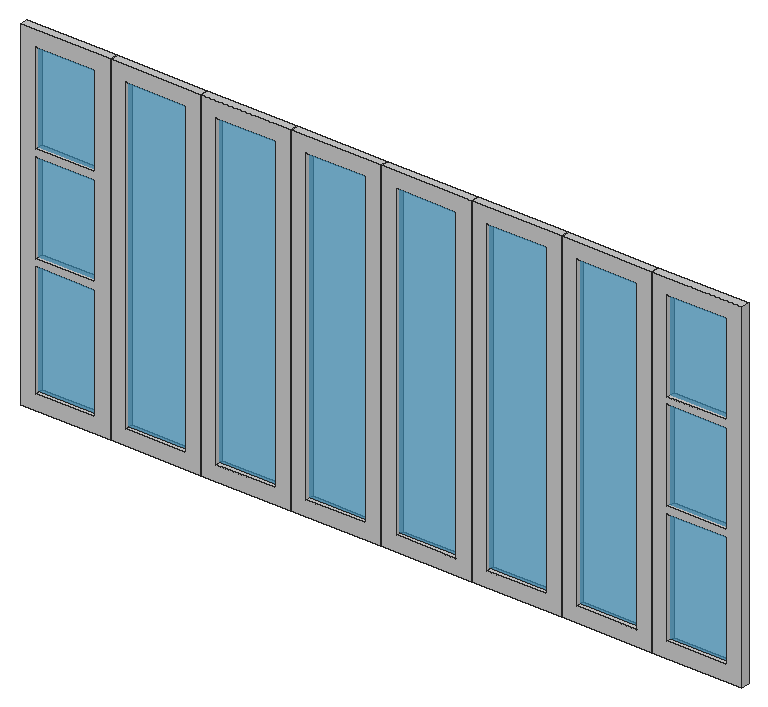
Revit family "DAL_A3-8-Stack-With-Opening-Section", category Curtain Panels, Revit 2016
Family settings
  Always vertical = Yes
  Cut with Voids When Loaded = No
  Shared = No
Parameters (values of type "8-STACK")
  PANEL = 700 mm
  Assembly Code = ""
Reference planes
  plane 1 "Center (Front/Back)": y = 0
  plane 2: z = 0
  plane 3 "Center (Left/Right)": x = 432.814
  plane 4 "Left": x = -1934.373
  plane 5 "Right": x = 2800
  plane 6 "Top": z = 2238.4
  plane 7: x = -750.779
  plane 8: x = 1616.407
  plane 9: y = 50
  plane 10: y = -50
  plane 11: x = -1834.373
  plane 12: x = 2700
  plane 13: x = 532.814
  plane 14: x = 332.814
  plane 15: z = 2138.4
  plane 16: z = 100
  plane 17: y = 30
  plane 18: y = 20
  plane 19: y = -20
  plane 20: y = -30
  plane 21: x = 1716.407
  plane 22: x = 1516.407
  plane 23: x = -650.779
  plane 24: x = -850.779
  plane 25: x = 1024.61
  plane 26: x = 1124.61
  plane 27: x = 924.61
  plane 28: x = 2208.203
  plane 29: x = 2308.203
  plane 30: x = 2108.203
  plane 31: x = -158.983
  plane 32: x = -258.983
  plane 33: x = -58.983
  plane 34: x = -1342.576
  plane 35: x = -1442.576
  plane 36: x = -1242.576
Forms (mm)
  Extrusion 1, solid, material "Default ALUMINIUM FRAME"
    sketch origin (0, 0, 0) x (1, 0, 0) y (0, 0, 1)
      loop
        line (-1342.576, 2238.4) -> (-1934.373, 2238.4) -> (-1934.373, 0) -> (-1342.576, 0) -> (-1342.576, 2238.4)
      loop
        line (-1834.373, 100) -> (-1442.576, 100) -> (-1442.576, 848.4) -> (-1834.373, 848.4) -> (-1834.373, 100)
      loop
        line (-1834.373, 2138.4) -> (-1834.373, 1538.4) -> (-1442.576, 1538.4) -> (-1442.576, 2138.4) -> (-1834.373, 2138.4)
      loop
        line (-750.779, 0) -> (-158.983, 0) -> (-158.983, 2238.4) -> (-750.779, 2238.4) -> (-750.779, 0)
      loop
        line (-258.983, 100) -> (-258.983, 2138.4) -> (-650.779, 2138.4) -> (-650.779, 100) -> (-258.983, 100)
      loop
        line (432.814, 0) -> (1024.61, 0) -> (1024.61, 2238.4) -> (432.814, 2238.4) -> (432.814, 0)
      loop
        line (532.814, 2138.4) -> (532.814, 100) -> (924.61, 100) -> (924.61, 2138.4) -> (532.814, 2138.4)
      loop
        line (1616.407, 0) -> (2208.203, 0) -> (2208.203, 2238.4) -> (1616.407, 2238.4) -> (1616.407, 0)
      loop
        line (1716.407, 100) -> (2108.203, 100) -> (2108.203, 2138.4) -> (1716.407, 2138.4) -> (1716.407, 100)
      loop
        line (-1834.373, 1493.4) -> (-1834.373, 893.4) -> (-1442.576, 893.4) -> (-1442.576, 1493.4) -> (-1834.373, 1493.4)
    from 0 to 50
  Extrusion 2, solid, material "Default ALUMINIUM FRAME"
    sketch origin (0, 0, 0) x (1, 0, 0) y (0, 0, 1)
      loop
        line (2800, 0) -> (2800, 2238.4) -> (2208.203, 2238.4) -> (2208.203, 0) -> (2800, 0)
      loop
        line (2308.203, 100) -> (2700, 100) -> (2700, 848.4) -> (2308.203, 848.4) -> (2308.203, 100)
      loop
        line (2308.203, 2138.4) -> (2308.203, 1538.4) -> (2700, 1538.4) -> (2700, 2138.4) -> (2308.203, 2138.4)
      loop
        line (1616.407, 2238.4) -> (1024.61, 2238.4) -> (1024.61, 0) -> (1616.407, 0) -> (1616.407, 2238.4)
      loop
        line (1124.61, 100) -> (1516.407, 100) -> (1516.407, 2138.4) -> (1124.61, 2138.4) -> (1124.61, 100)
      loop
        line (432.814, 2238.4) -> (-158.983, 2238.4) -> (-158.983, 0) -> (432.814, 0) -> (432.814, 2238.4)
      loop
        line (-58.983, 100) -> (332.814, 100) -> (332.814, 2138.4) -> (-58.983, 2138.4) -> (-58.983, 100)
      loop
        line (-1342.576, 0) -> (-750.779, 0) -> (-750.779, 2238.4) -> (-1342.576, 2238.4) -> (-1342.576, 0)
      loop
        line (-1242.576, 100) -> (-850.779, 100) -> (-850.779, 2138.4) -> (-1242.576, 2138.4) -> (-1242.576, 100)
      loop
        line (2308.203, 1493.4) -> (2308.203, 893.4) -> (2700, 893.4) -> (2700, 1493.4) -> (2308.203, 1493.4)
    from 0 to 50
  Extrusion 3, solid, material "Glass"
    sketch origin (0, 0, 0) x (1, 0, 0) y (0, 0, 1)
      loop
        line (2700, 2138.4) -> (-1834.373, 2138.4) -> (-1834.373, 100) -> (2700, 100) -> (2700, 2138.4)
    from 20 to 30
Lines and regions (mm)
  model lines
    curve 1: line (-1934.373, 0, 0) -> (-1861.203, 696.165, 0)
    curve 2: line (-1811.477, 690.939, 0) -> (-1884.646, -5.226, 0)
    curve 3: line (-1861.203, 696.165, 0) -> (-1811.477, 690.939, 0)
    curve 4: line (-1884.646, -5.226, 0) -> (-1934.373, 0, 0)
    curve 5: line (-1688.581, 0, 0) -> (-1761.75, 696.165, 0)
    curve 6: line (-1811.477, 690.939, 0) -> (-1738.307, -5.226, 0)
    curve 7: line (-1761.75, 696.165, 0) -> (-1811.477, 690.939, 0)
    curve 8: line (-1738.307, -5.226, 0) -> (-1688.581, 0, 0)
    curve 9: line (-1442.788, 0, 0) -> (-1515.958, 696.165, 0)
    curve 10: line (-1565.684, 690.939, 0) -> (-1492.515, -5.226, 0)
    curve 11: line (-1515.958, 696.165, 0) -> (-1565.684, 690.939, 0)
    curve 12: line (-1492.515, -5.226, 0) -> (-1442.788, 0, 0)
    curve 13: line (-1688.581, 0, 0) -> (-1615.411, 696.165, 0)
    curve 14: line (-1565.684, 690.939, 0) -> (-1638.854, -5.226, 0)
    curve 15: line (-1615.411, 696.165, 0) -> (-1565.684, 690.939, 0)
    curve 16: line (-1638.854, -5.226, 0) -> (-1688.581, 0, 0)
    curve 17: line (-137.385, 395.856, 0) -> (-477.385, 395.856, 0)
    curve 18: line (-137.385, 395.856, 0) -> (-241.308, 455.856, 0)
    curve 19: line (-137.385, 395.856, 0) -> (-241.308, 335.856, 0)
    curve 20: line (-951.204, 0, 0) -> (-1024.374, 696.165, 0)
    curve 21: line (-1074.1, 690.939, 0) -> (-1000.93, -5.226, 0)
    curve 22: line (-1024.374, 696.165, 0) -> (-1074.1, 690.939, 0)
    curve 23: line (-1000.93, -5.226, 0) -> (-951.204, 0, 0)
    curve 24: line (-1196.996, 0, 0) -> (-1123.826, 696.165, 0)
    curve 25: line (-1074.1, 690.939, 0) -> (-1147.27, -5.226, 0)
    curve 26: line (-1123.826, 696.165, 0) -> (-1074.1, 690.939, 0)
    curve 27: line (-1442.788, 0, 0) -> (-1369.619, 696.165, 0)
    curve 28: line (-1319.892, 690.939, 0) -> (-1393.062, -5.226, 0)
    curve 29: line (-1369.619, 696.165, 0) -> (-1319.892, 690.939, 0)
    curve 30: line (-1393.062, -5.226, 0) -> (-1442.788, 0, 0)
    curve 31: line (-1196.996, 0, 0) -> (-1270.166, 696.165, 0)
    curve 32: line (-1319.892, 690.939, 0) -> (-1246.723, -5.226, 0)
    curve 33: line (-1270.166, 696.165, 0) -> (-1319.892, 690.939, 0)
    curve 34: line (-1246.723, -5.226, 0) -> (-1196.996, 0, 0)
    curve 35: line (-1834.373, -30, 0) -> (2700, -30, 0)
    curve 36: line (2308.203, -30, 1493.4) -> (2484.332, -30, 893.4)
    curve 37: line (2484.332, -30, 893.4) -> (2700, -30, 1493.4)
    curve 38: line (2308.203, -30, 2118.4) -> (2485.527, -30, 1538.4)
    curve 39: line (2485.527, -30, 1538.4) -> (2700, -30, 2138.4)
    curve 40: line (-1834.373, -30, 1493.4) -> (-1638.474, -30, 893.4)
    curve 41: line (-1638.474, -30, 893.4) -> (-1442.576, -30, 1493.4)
    curve 42: line (-1834.373, -30, 2138.4) -> (-1637.279, -30, 1538.4)
    curve 43: line (-1637.279, -30, 1538.4) -> (-1442.576, -30, 2134.74)
Text (mm)
  text "Exterior" at (-1665.722, 1603.338, 0), in view "Ref. Level"
  text "Exterior" at (0, 2290.741, 4406.713), in view "Left"
  text "Exterior" at (0, 1328.187, 4120.349), in view "Right"
Dimensions and locks
  locked: plane 4 "Left" to plane 11 at 100
  locked: plane 14 to plane 3 "Center (Left/Right)" at 100
  locked: plane 3 "Center (Left/Right)" to plane 13 at 100
  locked: plane 12 to plane 5 "Right" at 100
  locked: plane 1 "Center (Front/Back)" to plane 9 at 50
  locked: plane 1 "Center (Front/Back)" to plane 10 at 50
  locked: plane 15 to plane 6 "Top" at 100
  locked: plane 2 to plane 16 at 100
  locked: plane 19 to plane 1 "Center (Front/Back)" at 20
  locked: plane 10 to plane 20 at 20
  locked: plane 18 to plane 1 "Center (Front/Back)" at 20
  locked: plane 17 to plane 9 at 20
  plane 21 to plane 8 to plane 22 = 100 mm locked, 100 mm locked
  plane 24 to plane 7 to plane 23 = 100 mm locked, 100 mm locked  (x2)
  locked: curve 2 to curve 1 at 50
  locked: curve 6 to curve 5 at 50
  locked: curve 10 to curve 9 at 50
  locked: curve 14 to curve 13 at 50
  "PANEL": curve 3 to curve 4
  "PANEL": curve 7 to curve 8
  "PANEL": curve 16 to curve 15
  "PANEL": curve 11 to curve 12
  locked: curve 21 to curve 20 at 50
  locked: curve 25 to curve 24 at 50
  locked: curve 28 to curve 27 at 50
  locked: curve 32 to curve 31 at 50
  "PANEL": curve 22 to curve 23
  "PANEL": curve 34 to curve 33
  "PANEL": curve 29 to curve 30
  plane 26 to plane 25 to plane 27 = 100 mm locked, 100 mm locked
  plane 29 to plane 28 to plane 30 = 100 mm locked, 100 mm locked
  plane 32 to plane 31 to plane 33 = 100 mm locked, 100 mm locked  (x2)
  plane 35 to plane 34 to plane 36 = 100 mm locked, 100 mm locked  (x2)
  equal spacing: plane 4 "Left", plane 34, plane 7, plane 31, plane 3 "Center (Left/Right)", plane 25, plane 8, plane 28, plane 5 "Right"
  plane 27 to plane 25 to plane 26 = 100 mm locked, 100 mm locked
  plane 22 to plane 8 to plane 21 = 100 mm locked, 100 mm locked
  plane 30 to plane 28 to plane 29 = 100 mm locked, 100 mm locked
  locked: curve 1 to plane 4 "Left" (angle 6.00°)
  locked: curve 2 to curve 6 (angle 12.00°)
  locked: curve 13 to curve 5 (angle 12.00°)
  locked: curve 14 to curve 10 (angle 12.00°)
  locked: curve 25 to curve 21 (angle 12.00°)
  locked: curve 24 to curve 31 (angle 12.00°)
  locked: curve 28 to curve 32 (angle 12.00°)
  aligned and locked: Extrusion 1 to plane 10
  aligned and locked: Extrusion 1 to plane 1 "Center (Front/Back)"
  aligned and locked: plane 34 to Extrusion 1 sketch curve
  aligned and locked: Extrusion 1 sketch curve to plane 6 "Top"
  aligned and locked: Extrusion 1 sketch curve to curve 1
  aligned and locked: plane 4 "Left" to Extrusion 1 sketch curve
  aligned and locked: plane 11 to Extrusion 1 sketch curve
  aligned and locked: plane 16 to Extrusion 1 sketch curve  (x3)
  aligned and locked: plane 15 to Extrusion 1 sketch curve  (x3)
  aligned and locked: Extrusion 1 sketch curve to plane 35
  aligned and locked: plane 7 to Extrusion 1 sketch curve
  aligned and locked: Extrusion 1 sketch curve to plane 2  (x3)
  aligned and locked: plane 6 "Top" to Extrusion 1 sketch curve  (x3)
  aligned and locked: plane 31 to Extrusion 1 sketch curve
  aligned and locked: plane 32 to Extrusion 1 sketch curve
  aligned and locked: Extrusion 1 sketch curve to plane 16
  aligned and locked: Extrusion 1 sketch curve to plane 23
  aligned and locked: plane 3 "Center (Left/Right)" to Extrusion 1 sketch curve
  aligned and locked: plane 25 to Extrusion 1 sketch curve
  aligned and locked: plane 13 to Extrusion 1 sketch curve
  aligned and locked: Extrusion 1 sketch curve to plane 15
  aligned and locked: Extrusion 1 sketch curve to plane 27
  aligned and locked: plane 8 to Extrusion 1 sketch curve
  aligned and locked: plane 28 to Extrusion 1 sketch curve
  aligned and locked: plane 21 to Extrusion 1 sketch curve
  aligned and locked: plane 30 to Extrusion 1 sketch curve
  aligned and locked: plane 5 "Right" to Extrusion 2 sketch curve
  aligned and locked: level to Extrusion 2 sketch curve
  aligned and locked: Extrusion 1 to Extrusion 2 sketch curve  (x7)
  aligned and locked: Extrusion 2 sketch curve to Extrusion 1  (x7)
  aligned and locked: plane 29 to Extrusion 2 sketch curve
  aligned and locked: plane 16 to Extrusion 2 sketch curve  (x4)
  aligned and locked: plane 15 to Extrusion 2 sketch curve  (x4)
  aligned and locked: plane 12 to Extrusion 2 sketch curve
  aligned and locked: plane 26 to Extrusion 2 sketch curve
  aligned and locked: plane 22 to Extrusion 2 sketch curve
  aligned and locked: plane 33 to Extrusion 2 sketch curve
  aligned and locked: Extrusion 2 sketch curve to plane 14
  aligned and locked: plane 36 to Extrusion 2 sketch curve
  aligned and locked: plane 24 to Extrusion 2 sketch curve
  aligned and locked: Extrusion 2 to plane 10
  aligned and locked: Extrusion 2 to plane 1 "Center (Front/Back)"
  aligned and locked: Extrusion 2 to Extrusion 3 sketch curve
  aligned and locked: Extrusion 3 sketch curve to Extrusion 2
  aligned and locked: Extrusion 3 sketch curve to Extrusion 1  (x2)
  aligned and locked: plane 19 to Extrusion 3
  aligned and locked: plane 20 to Extrusion 3
  aligned: curve 37 to Extrusion 2
Automatic sketch dimensions
  curve 4 to plane 1 "Center (Front/Back)" = 0 mm
  curve 4 to plane 4 "Left" = 0 mm
  curve 17 to plane 23 = 173.395 mm
  curve 17 to curve 18 = 236.077 mm
  curve 18 to curve 18 = 103.923 mm
  plane 9 to curve 18 = 345.856 mm
  curve 17 to curve 18 = 60 mm
  curve 19 to curve 17 = 103.923 mm
  curve 19 to curve 17 = 60 mm
  curve 20 to plane 1 "Center (Front/Back)" = 0 mm
  curve 24 to plane 1 "Center (Front/Back)" = 0 mm
  Extrusion 1 sketch curve to Extrusion 1 sketch curve = 748.4 mm
  Extrusion 1 sketch curve to Extrusion 1 sketch curve = 600 mm
  Extrusion 1 sketch curve to Extrusion 1 sketch curve = 45 mm  (x2)
  Extrusion 1 sketch curve to plane 11 = 0 mm  (x2)
  Extrusion 1 sketch curve to plane 35 = 0 mm  (x2)
  Extrusion 2 sketch curve to plane 15 = 0 mm
  Extrusion 2 sketch curve to Extrusion 2 sketch curve = 600 mm
  Extrusion 2 sketch curve to Extrusion 2 sketch curve = 645 mm
  Extrusion 2 sketch curve to plane 29 = 0 mm  (x2)
  Extrusion 2 sketch curve to plane 12 = 0 mm  (x2)
  Extrusion 2 sketch curve to Extrusion 2 sketch curve = 45 mm  (x2)
  curve 42 to Extrusion 3 = 0 mm  (x2)
  curve 40 to Extrusion 3 = 0 mm
  curve 37 to Extrusion 3 = 0 mm
  curve 39 to Extrusion 3 = 0 mm  (x2)
  curve 40 to Extrusion 3 = 195.898 mm
  curve 42 to Extrusion 3 = 197.093 mm
  curve 42 to curve 41 = 194.703 mm
  curve 43 to Extrusion 3 = 3.66 mm
  curve 43 to Extrusion 3 = 391.797 mm
  curve 38 to Extrusion 3 = 20 mm
  curve 38 to Extrusion 3 = 391.797 mm
  curve 36 to curve 37 = 391.797 mm
  curve 36 to Extrusion 3 = 215.668 mm
  curve 36 to curve 38 = 177.324 mm
  curve 42 to Extrusion 3 = 600 mm
  curve 38 to Extrusion 3 = 600 mm
  curve 40 to curve 42 = 45 mm
  curve 36 to curve 38 = 45 mm
  curve 37 to curve 38 = 45 mm
  curve 41 to curve 42 = 45 mm
  curve 40 to curve 41 = 600 mm
  curve 37 to curve 36 = 600 mm
